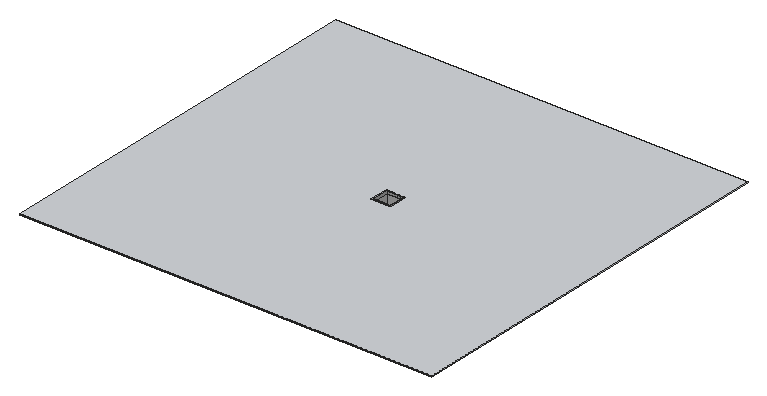
Revit family "en-halla-torve-recessedrfa", category Осветительные приборы, Revit 2017
Family settings
  Основа = Грань
  Размер круглого соединителя = Использовать диаметр
  Тип детали = Нормальный
  Номер OmniClass = 23.80.70.11.11
  Заголовок OmniClass = General Luminaries, Non Directional
  При загрузке вырезать с полостями = Нет
  Источник света = Нет
  Общий = Нет
  Точка расчета площади = Нет
Parameters
  Полная установленная мощность = Power input  # 84 VA
  Youtube clip = ""
  Weight Net (Kg) = "0"
  Изготовитель = "HALLA"  # constant formula
  Default Elevation = 1000 mm  # constant formula
  Voltage = ""
  Uniclass 2.0 Description = "Luminaires And Lamps"
  Uniclass 2.0 Code = "PR-49"
  Uniclass 1.4 Description = "Luminaires and lamps"
  Uniclass 1.4 Code = "JY73"
  URL = ""
  UNSPSC Code = "3911"
  Technical description = ""
  Switched on [instance] = yes
  Switched off [instance] = not(Switched on)  # no
  Source used = ""
  Source type = ""
  Shape of luminaire = ""
  Region South America = "All"
  Region Oceania = "All"
  Region North America = "All"
  Region Middle East = "All"
  Region Europe = "All"
  Region Asia = "All"
  Region Antarctica = "All"
  Region Africa = "All"
  QR code = "http://file-system.ru/catalog/zdaniya_i_sooruzheniya/interer/osveshchenie/halla_torve_svetilnik/"
  Accessory - glass type [instance] = TORVE accessory - glass, side length 162 mm : 65-0001, A
  Accessory [instance] = no
  Frame dimension = Lighting length - 35 mm  # 162 mm
  Protection class = ""
  Product group = "TORVE"
  Product family = "Indoor Luminaires"
  Product data url = ""
  Product code = ""
  Product certification = ""
  Product URL = "http://www.halla.cz/"
  Product SKU = "torve"
  Price (EUR) = 0
  Power input = 84 W
  Description = ""
  Optics type = ""
  Number of sources = 1
  Nominal width = "0.00"
  Nominal height = "0.00"
  NBS Reference Description = "Luminaires And Lamps"
  NBS Reference Code = "49"
  Model = ""
  Material secondary = ""
  Material of luminaire = "Hliník"
  Material main = "Aluminium"
  Manufacturer name = "HALLA"
  Manufacturer country = "Czech Republic"
  Lighting width = 197 mm
  Lighting length = 197 mm
  Lighting height = 115 mm
  Lighting dimensions = ""
  LED source = yes
  Installation instructions = ""
  Installation instruction = ""
  Initial intensity = ""
  Initial colour = ""
  IP Code = ""
  IFC Classification = "Light Fixture"
  Frequency = ""
  Energy class = ""
  Electric potential = 230 V  # constant formula
  Код по классификатору = "D5020200"
  Edition number = "1"
  EAN code = ""
  EAN = ""
  Distribution = ""
  Designer = ""
  Design country = "Czech Republic"
  Depth = "0.00"
  Date of publishing = "2014-12-13"
  Data sheet = ""
  Control gear option = ""
  Colour of luminaire = Aluminium - silver
  COBIe Type Category = ""
Reference planes
  plane 1 "Střed (vpředu/vzadu)": y = 0
  plane 2: z = 0
  plane 3 "Střed (vlevo/vpravo)": x = 0
  plane 4 "BP_Světlo spodní": z = -115
  plane 5 "BP_Světlo horní": z = 0
  plane 6 "BP_Zdroj světla": z = -82
  plane 7: x = -98.5
  plane 8: x = 98.5
  plane 9: y = 98.5
  plane 10: y = -98.5
Forms (mm)
  Extrusion 1, solid
    sketch origin (0, 0, 0) x (1, 0, 0) y (0, 1, 0)
      loop
        line (-1940, 1820) -> (-1940, -1847.056) -> (1875.718, -1847.056) -> (1875.718, 1820) -> (-1940, 1820)
    from 0 to -10
  Extrusion 2, void
    sketch origin (0, 0, 0) x (1, 0, 0) y (0, 1, 0)
      loop
        line (-90, 90) -> (-90, -90) -> (90, -90) -> (90, 90) -> (-90, 90)
    from -115 to 0
  Extrusion 3, solid, material "Aluminium - silver" <- "Colour of luminaire", visible <- "Accessory"
    sketch origin (-37.5, 0, 0) x (1, 0, 0) y (0, 1, 0)
      loop
        line (-61, 98.5) -> (-61, -98.5) -> (136, -98.5) -> (136, 98.5) -> (-61, 98.5)
      loop
        line (-44, 81.5) -> (-44, -81.5) -> (119, -81.5) -> (119, 81.5) -> (-44, 81.5)
    from 0 to 5.5
  Blend 4, solid, material "Chrome surface"
    base sketch origin (0, 0, 0) x (1, 0, 0) y (0, 1, 0)
      loop
        line (-57.5, 57.5) -> (-57.5, -57.5) -> (57.5, -57.5) -> (57.5, 57.5) -> (-57.5, 57.5)
    top sketch origin (0, 0, 0) x (1, 0, 0) y (0, 1, 0)
      loop
        line (-83.5, 83.5) -> (-83.5, -83.5) -> (83.5, -83.5) -> (83.5, 83.5) -> (-83.5, 83.5)
    from -115 to 0
  Blend 5, void
    base sketch origin (0, 0, 0) x (1, 0, 0) y (0, 1, 0)
      loop
        line (-56.5, -56.5) -> (56.5, -56.5) -> (56.5, 56.5) -> (-56.5, 56.5) -> (-56.5, -56.5)
    top sketch origin (0, 0, 0) x (1, 0, 0) y (0, 1, 0)
      loop
        line (82.5, 82.5) -> (-82.5, 82.5) -> (-82.5, -82.5) -> (82.5, -82.5) -> (82.5, 82.5)
    from -114 to 0
  Extrusion 6, solid, material "Chrome surface"
    sketch origin (0, 0, 0) x (1, 0, 0) y (0, 1, 0)
      loop
        line (83.5, 83.5) -> (-83.5, 83.5) -> (-83.5, -83.5) -> (83.5, -83.5) -> (83.5, 83.5)
      loop
        line (77.5, 77.5) -> (-77.5, 77.5) -> (-77.5, -77.5) -> (77.5, -77.5) -> (77.5, 77.5)
    from -22 to 0
Cuts and joins
  Blend 5 cuts Blend 4
  joined: Blend 4, Extrusion 6
Dimensions and locks
  "Lighting height": plane 5 "BP_Světlo horní" to plane 4 "BP_Světlo spodní"
  plane 5 "BP_Světlo horní" to level = 0 mm
  equal spacing: plane 7, plane 3 "Střed (vlevo/vpravo)", plane 8
  equal spacing: plane 10, plane 1 "Střed (vpředu/vzadu)", plane 9
  "Lighting width": plane 9 to plane 10
  "Lighting length": plane 7 to plane 8
  locked: plane 9 to Extrusion 3 sketch curve at 17
  locked: plane 10 to Extrusion 3 sketch curve at 17
  locked: plane 7 to Extrusion 3 sketch curve at 17
  locked: Extrusion 3 sketch curve to plane 8 at 17
  Extrusion 3 to Extrusion 3 = 163 mm
  locked: plane 9 to Extrusion 2 sketch curve at 8.5
  locked: plane 10 to Extrusion 2 sketch curve at 8.5
  locked: Extrusion 2 sketch curve to plane 8 at 8.5
  locked: plane 7 to Extrusion 2 sketch curve at 8.5
  locked: Blend 5 to plane 4 "BP_Světlo spodní" at 1
  locked: plane 6 "BP_Zdroj světla" to plane 4 "BP_Světlo spodní" at 33
  locked: plane 7 to Blend 4 sketch curve at 41
  locked: Blend 4 sketch curve to plane 8 at 41
  locked: plane 9 to Blend 4 sketch curve at 41
  locked: plane 10 to Blend 4 sketch curve at 41
  aligned and locked: Extrusion 1 to plane 2
  aligned and locked: Extrusion 1 to level
  aligned and locked: Extrusion 2 to plane 4 "BP_Světlo spodní"
  aligned and locked: Extrusion 3 sketch curve to plane 9
  aligned and locked: plane 7 to Extrusion 3 sketch curve
  aligned and locked: Extrusion 3 sketch curve to plane 10
  aligned and locked: plane 8 to Extrusion 3 sketch curve
  aligned and locked: Blend 4 to plane 4 "BP_Světlo spodní"
  aligned and locked: plane 5 "BP_Světlo horní" to Blend 4
  aligned and locked: plane 5 "BP_Světlo horní" to Blend 5
  aligned and locked: Extrusion 3 to plane 5 "BP_Světlo horní"
  aligned and locked: Extrusion 3 to nested 1
Automatic sketch dimensions
  Extrusion 1 sketch curve to Extrusion 1 sketch curve = 3815.718 mm
  Extrusion 1 sketch curve to Extrusion 1 sketch curve = 3667.056 mm
  Blend 4 sketch curve to plane 10 = 15 mm
  plane 7 to Blend 4 sketch curve = 15 mm
  plane 8 to Blend 4 sketch curve = 15 mm
  Blend 4 sketch curve to plane 9 = 15 mm
  plane 8 to Blend 5 sketch curve = 42 mm
  Blend 5 sketch curve to plane 10 = 42 mm
  Blend 5 sketch curve to plane 9 = 42 mm
  plane 7 to Blend 5 sketch curve = 42 mm
  plane 8 to Blend 5 sketch curve = 16 mm
  Blend 5 sketch curve to plane 10 = 16 mm
  Blend 5 sketch curve to plane 9 = 16 mm
  plane 7 to Blend 5 sketch curve = 16 mm
  plane 7 to Extrusion 6 sketch curve = 15 mm
  plane 8 to Extrusion 6 sketch curve = 15 mm
  Extrusion 6 sketch curve to plane 10 = 15 mm
  Extrusion 6 sketch curve to plane 9 = 15 mm
  Extrusion 6 sketch curve to Extrusion 6 sketch curve = 6 mm  (x4)
Nested families
  nested 1: "TORVE accessory - glass, side length 162 mm" at (0, 0, 2.5), visible <- "Accessory", type <- "Accessory - glass type", type "65-0001, A"
  nested 2: "TORVE - source" at (0, 0, 5.5), type "TORVE - source"
Definition of nested family "TORVE accessory - glass, side length 162 mm"
  Parameters
    Manufacturer = "HALLA"  # constant formula
    URL = "http://www.halla.cz/"
    Barva svítidla = none
  Reference planes
    plane 1 "Střed (vpředu/vzadu)": y = 0
    plane 2: z = 0
    plane 3 "Střed (vlevo/vpravo)": x = 0
  Forms (mm)
    Extrusion 1, solid, material <- "Barva svítidla"
      sketch origin (0, 0, 0) x (1, 0, 0) y (0, 1, 0)
        loop
          line (-81, 81) -> (-81, -81) -> (81, -81) -> (81, 81) -> (-81, 81)
      from 0 to 3
  Dimensions and locks
    aligned and locked: level to plane 2
Definition of nested family "TORVE - source"
  Parameters
    Tilt Angle = -90.00°
    Photometric Web File = "540860-68223.ies"
    Wattage = 9.2903 W
    built-in parameter 1150110 = 1 (stored number, unit not read)
    Emit from Rectangle Width = 162 mm
    Emit from Rectangle Length = 162 mm
    Emit Shape Visible in Rendering = no
    built-in parameter 1114217 = 1 (stored number, unit not read)
    built-in parameter 1150109 = 1 (stored number, unit not read)
    built-in parameter 1150134 = (empty or 0)
    built-in parameter 1150113 = 1 (stored number, unit not read)
    Lumens = 1380 lm
    built-in parameter 1150115 = 1 (stored number, unit not read)
    built-in parameter 1150105 = 280.54 (stored number, unit not read)
    built-in parameter 1150137 = (empty or 0)
    built-in parameter 1150139 = (empty or 0)
    built-in parameter 1150112 = 1 (stored number, unit not read)
    built-in parameter 1150114 = 1 (stored number, unit not read)
    built-in parameter 1150132 = 2
    built-in parameter 1150102 = (empty or 0)
    built-in parameter 1150138 = (empty or 0)
    built-in parameter 1150107 = 3000 (stored number, unit not read)
    built-in parameter 1150106 = 2.8054 (stored number, unit not read)
    built-in parameter 1150104 = 13.8 (stored number, unit not read)
    Dimming Lamp Color Temperature Shift = (empty or 0)
    Color Filter = 16777215
    built-in parameter 1114218 = 1 (stored number, unit not read)
    built-in parameter 1150133 = 10 (stored number, unit not read)
  Reference planes
    plane 1 "Osa světelného zdroje (přední/zadní)": y = 0
    plane 2: z = 0
    plane 3 "Osa světelného zdroje (levá/pravá)": x = 0
    plane 4 "Výška světelného zdroje": z = 0
  Dimensions and locks
    aligned and locked: plane 3 "Osa světelného zdroje (levá/pravá)" to imposter light
    aligned and locked: plane 1 "Osa světelného zdroje (přední/zadní)" to imposter light
    aligned and locked: plane 4 "Výška světelného zdroje" to imposter light
    aligned and locked: level to plane 2
    aligned and locked: plane 4 "Výška světelného zdroje" to plane 2
